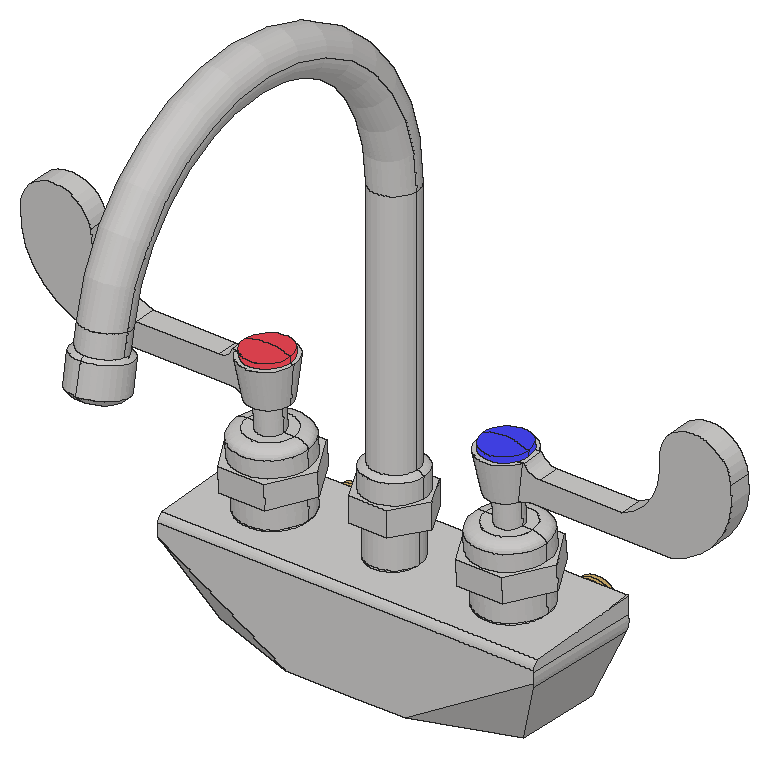
Revit family "14-401L-W-E4", category Specialty Equipment, Revit 2018
Family settings
  Round Connector Dimension = Use Diameter
  Part Type = Normal
  OmniClass Number = 23.45.05.14
  OmniClass Title = Plumbing Fixtures - Sanitary Washing Units
  Work Plane-Based = No
  Always vertical = Yes
  Cut with Voids When Loaded = No
  Shared = No
  Room Calculation Point = No
Parameters
  Plumbing Remarks = ""
  Plumbing Connection Type = ""
  Model = "14-401L-W-E4"
  Masterspec = ""
  Manufacturer = "Krowne Metal"
  Item Number = ""
  Inlet = 1/2"
  Hot Water Temperature = 100 °F
  Hot Water Size = 1/2"
  Hot Water RI Height = 0"
  Hot Water Flow = 1.5 GPM
  Hot Water Connection Height = 0"
  Description = "4\" Wall Mount Faucet with 6\" Wide Gooseneck Spout & Vandal Resistant Wrist Blades Handles"
  Cold Water Size = 1/2"
  Cold Water RI Height = 0"
  Cold Water Flow = 1.5 GPM
  Cold Water Connection Height = 0"
  Assembly Code = "D2010400"
Reference planes (in)
  plane 1 "Center (Front/Back)": y = 0
  plane 2: z = 0
  plane 3 "Center (Left/Right)": x = 0
  plane 4: x = 2
  plane 5: x = -2
  plane 6: z = -1.96837
  plane 7: y = -6.25
  plane 8: z = 9.75
  plane 9: z = 5.875
  plane 10 "Center L/S": y = 0.96456
Forms (in)
  Revolve 1, solid, material "Plastic-Brass-Red"
    sketch origin (0, 0.00828, 0.6556) x (1, 0, 0) y (0, -0.064546, 0.997915)
      loop
        arc (-2, 2.70938) -> (-2.19737, 2.68894) -> (-2.38369, 2.62072) r 0.80293
        line (-2.38369, 2.62072) -> (-2.38369, 2.53687) -> (-2, 2.53687) -> (-2, 2.70938)
      axis (-2, 2.70938) -> (-2, 2.53687)
    angle from 0 to 360
  Revolve 2, solid, material "Plastic-Brass-Blue"
    sketch origin (0, 0.00828, 0.6556) x (-1, 0, 0) y (0, 0.064546, -0.997915)
      loop
        line (-2, -2.70938) -> (-2, -2.53543) -> (-2.38369, -2.53543) -> (-2.38369, -2.62072)
        arc (-2.38369, -2.62072) -> (-2.19737, -2.68894) -> (-2, -2.70938) r 0.80293
      axis (-2, -2.70938) -> (-2, -2.53543)
    angle from 0 to 360
  Sweep 3, solid, material "Metal_Finishes_Stainless Steel"
    path origin (0, 0, 0.0625) x (0, 1, 0) y (0, 0, 1)
      loop
        line (-6.13578, 6.46027) -> (-6.06259, 6.87538)
        arc (-6.06259, 6.87538) -> (-2.77843, 9.38642) -> (-0.00125, 6.32402) r 3.0539
        line (-0.00125, 6.32402) -> (-0.00125, 1.7621)
    profile origin (0, -0.00125, 4.10556) x (1, 0, 0) y (0, 1, 0)
      loop
        circle (0, 0) r 0.375
  Revolve 4, solid, material "Metal_Finishes_Stainless Steel"
    sketch origin (0, 4.70232, -1.1887) x (0, 0.984808, -0.173648) y (0, 0.173648, 0.984808)
      loop
        line (-11.53885, 5.7123) -> (-11.63812, 5.79159) -> (-12, 5.79159) -> (-12, 5.12109) -> (-11.6232, 5.12109) -> (-11.53885, 5.20545) -> (-11.53885, 5.7123)
      axis (-12, 5.79159) -> (-12, 5.12109)
    angle from 0 to 360
  Extrusion 5, void
    sketch origin (0, -12.26568, 1.19357) x (1, 0, 0) y (0, 0.984808, -0.173648)
      loop
        circle (0, 5.12602) r 0.29432
      loop
        circle (0, 5.37527) r 0.03144
      loop
        circle (0.09945, 5.35041) r 0.03144
      loop
        circle (-0.09945, 5.35041) r 0.03144
      loop
        circle (0.00276, 5.28411) r 0.03144
      loop
        circle (0.10222, 5.25924) r 0.03144
      loop
        circle (-0.09669, 5.25924) r 0.03144
      loop
        circle (-0.17957, 5.28687) r 0.03144
      loop
        circle (0.17128, 5.2924) r 0.03144
      loop
        circle (-0.22654, 5.21228) r 0.03144
      loop
        circle (0.00553, 5.20675) r 0.03144
      loop
        circle (0.17681, 5.21504) r 0.03144
      loop
        circle (-0.07498, 5.1536) r 0.03144
      loop
        circle (0.09945, 5.17913) r 0.03144
      loop
        circle (0, 4.87676) r 0.03144
      loop
        circle (0.09945, 4.90162) r 0.03144
      loop
        circle (-0.09945, 4.90162) r 0.03144
      loop
        circle (0.00276, 4.96793) r 0.03144
      loop
        circle (0.10222, 4.99279) r 0.03144
      loop
        circle (-0.09669, 4.99279) r 0.03144
      loop
        circle (-0.17957, 4.96516) r 0.03144
      loop
        circle (0.17128, 4.95964) r 0.03144
      loop
        circle (-0.22654, 5.03975) r 0.03144
      loop
        circle (0.00553, 5.04528) r 0.03144
      loop
        circle (0.17681, 5.03699) r 0.03144
      loop
        circle (-0.12156, 5.06738) r 0.03144
      loop
        circle (0.09945, 5.07291) r 0.03144
      loop
        circle (0.16204, 5.13533) r 0.03144
      loop
        circle (-0.14291, 5.17689) r 0.03144
      loop
        circle (-0.00276, 5.12263) r 0.03144
      loop
        circle (-0.21818, 5.1239) r 0.03144
      loop
        circle (0.24369, 5.16966) r 0.03144
      loop
        circle (0.2425, 5.08605) r 0.03144
    from 5.72149 to 5.81365
  Extrusion 6, solid, material "Metal_Finishes_Stainless Steel"
    sketch origin (0, 0, -0.115) x (1, 0, 0) y (0, 0, 1)
      loop
        arc (-3.12535, 0.99084) -> (-3.14476, 0.9828) -> (-3.1528, 0.96339) r 0.02745
        line (-3.1528, 0.96339) -> (-3.1528, 0.69577)
        arc (-3.1528, 0.69577) -> (-3.15235, 0.55862) -> (-3.11135, 0.42774) r 0.45838
        line (-3.11135, 0.42774) -> (-2.54312, -0.73731) -> (0, -0.73731) -> (2.54312, -0.73731) -> (3.11135, 0.42774)
        arc (3.11135, 0.42774) -> (3.15235, 0.55862) -> (3.1528, 0.69577) r 0.45838
        line (3.1528, 0.69577) -> (3.1528, 0.96339)
        arc (3.1528, 0.96339) -> (3.14476, 0.9828) -> (3.12535, 0.99084) r 0.02745
        line (3.12535, 0.99084) -> (0, 0.99084) -> (-3.12535, 0.99084)
    from -0.96456 to 1.01602
  Extrusion 7, void
    sketch origin (-0.02676, -1.16437, 0.28626) x (-0.939693, -0.34202, 0) y (0.296198, -0.813798, -0.5)
      loop
        line (-0.70218, 1.42945) -> (-3.64913, 1.42945) -> (-3.64913, 0.75614) -> (-0.70218, 0.75614) -> (-0.70218, 1.42945)
    from -1.24972 to 1.39751
  Revolve 8, solid, material "Metal- Brass-Chrome Plated Brass"
    sketch origin (4, 0.96456, 0.01177) x (1, 0, 0) y (0, -0.999991, 0.00423)
      loop
        line (-2.40555, 0.01977) -> (-2.40555, -0.07126) -> (-2.34472, -0.10694) -> (-2.4068, -0.14263) -> (-2.34454, -0.17829) -> (-2.40653, -0.21416) -> (-2.34468, -0.24977) -> (-2.4063, -0.28542) -> (-2.34472, -0.32111) -> (-2.40653, -0.35696) -> (-2.34444, -0.39251) -> (-2.40655, -0.42833) -> (-2.3436, -0.46332) -> (-2.40555, -0.49916) -> (-2.34444, -0.53553) -> (-2.40555, -0.57083) -> (-2.34491, -0.60683) -> (-2.40679, -0.64264) -> (-2.34468, -0.67837) -> (-2.40629, -0.71402) -> (-2.34444, -0.74974) -> (-2.40629, -0.78569) -> (-2.33703, -0.82587) -> (-2, -0.82587) -> (-2, 0.01977) -> (-2.40555, 0.01977)
      axis (-2, 0.01977) -> (-2, -0.82587)
    angle from 0 to 360
  Revolve 9, solid, material "Metal- Brass-Chrome Plated Brass"
    sketch origin (-4, 0.96456, 0.01177) x (-1, 0, 0) y (0, 0.999991, -0.00423)
      loop
        line (-2.40555, -0.01977) -> (-2, -0.01977) -> (-2, 0.87053) -> (-2.26005, 0.87053) -> (-2.40629, 0.78569) -> (-2.34444, 0.74974) -> (-2.40629, 0.71402) -> (-2.34468, 0.67837) -> (-2.40679, 0.64264) -> (-2.34491, 0.60683) -> (-2.40555, 0.57083) -> (-2.34444, 0.53553) -> (-2.40555, 0.49916) -> (-2.3436, 0.46332) -> (-2.40655, 0.42833) -> (-2.34444, 0.39251) -> (-2.40653, 0.35696) -> (-2.34472, 0.32111) -> (-2.4063, 0.28542) -> (-2.34468, 0.24977) -> (-2.40653, 0.21416) -> (-2.34454, 0.17829) -> (-2.4068, 0.14263) -> (-2.34472, 0.10694) -> (-2.40555, 0.07126) -> (-2.40555, -0.01977)
      axis (-2, -0.01977) -> (-2, 0.87053)
    angle from 0 to 360
  Extrusion 10, void
    sketch origin (0.02676, -1.16437, 0.28626) x (0.939693, -0.34202, 0) y (0.296198, 0.813798, 0.5)
      loop
        line (-0.70218, -1.42945) -> (-0.70218, -0.75614) -> (-3.64913, -0.75614) -> (-3.64913, -1.42945) -> (-0.70218, -1.42945)
    from -1.24972 to 1.39751
  Extrusion 11, void
    sketch origin (0, 0, 0) x (0, 1, 0) y (0, 0, 1)
      loop
        line (0.96456, 0.87584) -> (0.96456, 0.96598) -> (-1.05262, 0.96598) -> (-1.05262, 0.57729) -> (-1.01565, 0.57729)
        arc (-1.01565, 0.57729) -> (-0.99921, 0.67224) -> (-0.9339, 0.74309) r 0.17039
        line (-0.9339, 0.74309) -> (0.96456, 0.87584)
    from -3.96607 to 3.51526
  Extrusion 12, solid, material "Metal_Finishes_Stainless Steel"
    sketch origin (0, 0.04756, 0.04841) x (1, 0, 0) y (0, -0.064546, 0.997915)
      loop
        line (-2.69415, 2.9737) -> (-4.07703, 2.9737)
        spline (-4.07703, 2.9737) -> (-4.19305, 3.02298) -> (-4.29788, 3.08207) -> (-4.39173, 3.15068) -> (-4.47481, 3.22854) -> (-4.54732, 3.31537) -> (-4.60948, 3.41091) -> (-4.66151, 3.51487) -> (-4.7036, 3.62697) -> (-4.73598, 3.74695) -> (-4.75884, 3.87452) -> (-4.7724, 4.00941) -> (-4.77688, 4.15134)
        arc (-4.77688, 4.15134) -> (-5.40829, 4.65754) -> (-5.95924, 4.06477) r 0.59435
        arc (-5.95924, 4.06477) -> (-5.69356, 3.11193) -> (-4.86945, 2.5648) r 1.41758
        line (-4.86945, 2.5648) -> (-2.5204, 2.5648)
        arc (-2.5204, 2.5648) -> (-2.433, 2.55146) -> (-2.35355, 2.51264) r 0.29295
        line (-2.35355, 2.51264) -> (-2, 2.51264) -> (-2, 3.14532) -> (-2.44835, 3.14532)
        arc (-2.44835, 3.14532) -> (-2.54426, 3.02085) -> (-2.69415, 2.9737) r 0.26183
    from -0.17603 to 0.17603
  Extrusion 13, solid, material "Metal_Finishes_Stainless Steel"
    sketch origin (0, 0.04756, 0.04841) x (-1, 0, 0) y (0, 0.064546, -0.997915)
      loop
        arc (-2.69415, -2.9737) -> (-2.54426, -3.02085) -> (-2.44835, -3.14532) r 0.26183
        line (-2.44835, -3.14532) -> (-2, -3.14532) -> (-2, -2.51264) -> (-2.35355, -2.51264)
        arc (-2.35355, -2.51264) -> (-2.433, -2.55146) -> (-2.5204, -2.5648) r 0.29295
        line (-2.5204, -2.5648) -> (-4.86945, -2.5648)
        arc (-4.86945, -2.5648) -> (-5.69356, -3.11193) -> (-5.95924, -4.06477) r 1.41758
        arc (-5.95924, -4.06477) -> (-5.40829, -4.65754) -> (-4.77688, -4.15134) r 0.59435
        spline (-4.77688, -4.15134) -> (-4.7724, -4.00941) -> (-4.75884, -3.87452) -> (-4.73598, -3.74695) -> (-4.7036, -3.62697) -> (-4.66151, -3.51487) -> (-4.60948, -3.41091) -> (-4.54732, -3.31537) -> (-4.47481, -3.22854) -> (-4.39173, -3.15068) -> (-4.29788, -3.08207) -> (-4.19305, -3.02298) -> (-4.07703, -2.9737)
        line (-4.07703, -2.9737) -> (-2.69415, -2.9737)
    from -0.17603 to 0.17603
  Revolve 14, solid, material "Metal_Finishes_Stainless Steel"
    sketch origin (-0.00317, -0.02601, 1.17421) x (-1, 0, 0) y (0, 0.064546, -0.997915)
      loop
        line (-2, -2.00418) -> (-2, -0.46138) -> (-2.61417, -0.46138) -> (-2.61417, -0.74125)
        spline (-2.61417, -0.74125) -> (-2.61067, -0.75997) -> (-2.60447, -0.77733) -> (-2.59556, -0.79333) -> (-2.58396, -0.80796) -> (-2.56965, -0.82122) -> (-2.55265, -0.83312) -> (-2.53294, -0.84365) -> (-2.51053, -0.85282) -> (-2.48542, -0.86063) -> (-2.45761, -0.86706) -> (-2.4271, -0.87214) -> (-2.39389, -0.87584)
        line (-2.39389, -0.87584) -> (-2.21883, -0.87584) -> (-2.21883, -1.35351) -> (-2.35064, -1.35351) -> (-2.44814, -2.00418) -> (-2, -2.00418)
      loop
        arc (-2.61222, 0.39335) -> (-2.58433, 0.3818) -> (-2.57277, 0.35391) r 0.03944
        line (-2.57277, 0.35391) -> (-2.57277, -0.0704) -> (-2, -0.0704) -> (-2, 0.39335) -> (-2.61222, 0.39335)
      axis (-2, -2.00418) -> (-2, 0.39335)
    angle from 0 to 360
  Revolve 15, solid, material "Metal_Finishes_Stainless Steel"
    sketch origin (0, 0, -0.12559) x (1, 0, 0) y (0, 0, 1)
      loop
        line (-0.49401, 2.26822) -> (-0.49401, 1.94078) -> (0, 1.94078) -> (0, 2.33452) -> (-0.35397, 2.33452)
        arc (-0.35397, 2.33452) -> (-0.43128, 2.31656) -> (-0.49401, 2.26822) r 0.1824
      loop
        line (-0.42987, 1.52855) -> (-0.42987, 0.92698)
        arc (-0.42987, 0.92698) -> (-0.45055, 0.87703) -> (-0.5005, 0.85635) r 0.07063
        line (-0.5005, 0.85635) -> (0, 0.85635) -> (0, 1.52855) -> (-0.42987, 1.52855)
      axis (0, 2.33452) -> (0, 0.85635)
    angle from 0 to 360
  Extrusion 16, solid, material "Metal_Finishes_Stainless Steel"
    sketch origin (-2, 0, -0.01153) x (-1, 0, 0) y (0, -1, 0)
      loop
        line (-1.68262, -0.54971) -> (-1.36525, 0) -> (-1.68262, 0.54971) -> (-2.31738, 0.54971) -> (-2.63475, 0) -> (-2.31738, -0.54971) -> (-1.68262, -0.54971)
    from 1.41449 to 1.82673
  Extrusion 17, solid, material "Metal_Finishes_Stainless Steel"
    sketch origin (3.99683, 0.04756, 0.03688) x (1, 0, 0) y (0, 0.997915, 0.064546)
      loop
        line (-2.38434, 0.66569) -> (-2.76867, 0) -> (-2.38434, -0.66569) -> (-1.61566, -0.66569) -> (-1.23133, 0) -> (-1.61566, 0.66569) -> (-2.38434, 0.66569)
    from 1.21087 to 1.60944
  Revolve 18, solid, material "Metal_Finishes_Stainless Steel"
    sketch origin (-0.00317, -0.02601, 1.17421) x (1, 0, 0) y (0, -0.064546, 0.997915)
      loop
        line (-2, 2.00418) -> (-2.44814, 2.00418) -> (-2.35064, 1.35351) -> (-2.21883, 1.35351) -> (-2.21883, 0.87584) -> (-2.39389, 0.87584)
        spline (-2.39389, 0.87584) -> (-2.4271, 0.87214) -> (-2.45761, 0.86706) -> (-2.48542, 0.86063) -> (-2.51053, 0.85282) -> (-2.53294, 0.84365) -> (-2.55265, 0.83312) -> (-2.56965, 0.82122) -> (-2.58396, 0.80796) -> (-2.59556, 0.79333) -> (-2.60447, 0.77733) -> (-2.61067, 0.75997) -> (-2.61417, 0.74125)
        line (-2.61417, 0.74125) -> (-2.61417, 0.46138) -> (-2, 0.46138) -> (-2, 2.00418)
      loop
        line (-2.61222, -0.39335) -> (-2, -0.39335) -> (-2, 0.0704) -> (-2.57277, 0.0704) -> (-2.57277, -0.35391)
        arc (-2.57277, -0.35391) -> (-2.58433, -0.3818) -> (-2.61222, -0.39335) r 0.03944
      axis (-2, 2.00418) -> (-2, -0.39335)
    angle from 0 to 360
  Extrusion 19, solid, material "Metal_Finishes_Stainless Steel"
    sketch origin (-4.00317, 0.04756, 0.03688) x (-1, 0, 0) y (0, -0.997915, -0.064546)
      loop
        line (-2.38434, -0.66569) -> (-1.61566, -0.66569) -> (-1.23133, 0) -> (-1.61566, 0.66569) -> (-2.38434, 0.66569) -> (-2.76867, 0) -> (-2.38434, -0.66569)
    from 1.21087 to 1.60944
Cuts and joins
  Extrusion 5, Extrusion 11 cuts Sweep 3
  Extrusion 7, Extrusion 10, Extrusion 11 cuts Extrusion 6
  joined: Sweep 3, Extrusion 6, Extrusion 12, Extrusion 13, Revolve 14, Revolve 15, Extrusion 16, Extrusion 17, Revolve 18, Extrusion 19
  Extrusion 5 cuts Revolve 4
Dimensions and locks (in)
  equal spacing: plane 5, plane 3 "Center (Left/Right)", plane 4
  plane 5 to plane 4 = 4"
  plane 1 "Center (Front/Back)" to plane 7 = 6 1/4"
  plane 8 to plane 2 = 9 3/4"
  plane 9 to plane 2 = 5 7/8"
  Extrusion 13 to Extrusion 13 = 0.35205"
  aligned and locked: level to plane 2
Automatic sketch dimensions
  Sweep 3 sketch curve to plane 3 "Center (Left/Right)" = 0"
  profile plane to Sweep 3 sketch curve = 0"
  Revolve 4 sketch curve to plane 7 = 0.14033"
  plane 9 to Revolve 4 sketch curve = 0.72369"
  Revolve 4 sketch curve to Revolve 4 sketch curve = 0.36188"
  Revolve 4 sketch curve to Revolve 4 sketch curve = 0.3768"
  Revolve 4 sketch curve to Revolve 4 sketch curve = 0.08435"  (x2)
  Revolve 4 sketch curve to Revolve 4 sketch curve = 0.07929"
  Revolve 4 sketch curve to Revolve 4 sketch curve = 0.50685"
  Revolve 4 sketch curve to Revolve 4 sketch curve = 0"  (x2)
  Revolve 4 sketch curve to Revolve 4 sketch curve = 0.27894"
  Extrusion 5 sketch curve to Extrusion 5 sketch curve = 0"  (x2)
  Extrusion 5 sketch curve to plane 3 "Center (Left/Right)" = 0"  (x3)
  Extrusion 5 sketch curve to plane 3 "Center (Left/Right)" = 0.00276"
  Extrusion 5 sketch curve to plane 3 "Center (Left/Right)" = 0.07498"
  Extrusion 5 sketch curve to plane 3 "Center (Left/Right)" = 0.09669"  (x2)
  Extrusion 5 sketch curve to Extrusion 5 sketch curve = 0.00276"  (x4)
  Extrusion 5 sketch curve to Extrusion 5 sketch curve = 0.02486"  (x3)
  Extrusion 5 sketch curve to Extrusion 5 sketch curve = 0.06794"
  Extrusion 5 sketch curve to Extrusion 5 sketch curve = 0.08288"  (x2)
  Extrusion 5 sketch curve to Extrusion 5 sketch curve = 0.07526"
  Extrusion 5 sketch curve to Extrusion 5 sketch curve = 0.00836"
  Extrusion 5 sketch curve to Extrusion 5 sketch curve = 0.04696"
  plane 3 "Center (Left/Right)" to Extrusion 5 sketch curve = 0.00276"  (x2)
  plane 3 "Center (Left/Right)" to Extrusion 5 sketch curve = 0.00553"  (x2)
  plane 3 "Center (Left/Right)" to Extrusion 5 sketch curve = 0.09945"  (x2)
  Extrusion 5 sketch curve to Extrusion 5 sketch curve = 0.09393"  (x2)
  Extrusion 5 sketch curve to Extrusion 5 sketch curve = 0.06259"
  Extrusion 5 sketch curve to Extrusion 5 sketch curve = 0.06907"  (x2)
  Extrusion 5 sketch curve to Extrusion 5 sketch curve = 0.00553"  (x2)
  Extrusion 5 sketch curve to Extrusion 5 sketch curve = 0.06569"
  Extrusion 5 sketch curve to Extrusion 5 sketch curve = 0.06688"
  Extrusion 5 sketch curve to Extrusion 5 sketch curve = 0.05802"
  Extrusion 5 sketch curve to Extrusion 5 sketch curve = 0.06354"
  Extrusion 5 sketch curve to Extrusion 5 sketch curve = 0.09117"  (x4)
  Extrusion 5 sketch curve to Extrusion 5 sketch curve = 0.03315"  (x2)
  Extrusion 5 sketch curve to Extrusion 5 sketch curve = 0.02763"  (x2)
  Extrusion 5 sketch curve to Extrusion 5 sketch curve = 0.07735"  (x4)
  Extrusion 5 sketch curve to Extrusion 5 sketch curve = 0.07459"  (x2)
  Extrusion 5 sketch curve to Extrusion 5 sketch curve = 0.08012"  (x2)
  Extrusion 5 sketch curve to Extrusion 5 sketch curve = 0.04906"
  Extrusion 5 sketch curve to Extrusion 5 sketch curve = 0.08414"
  Extrusion 5 sketch curve to Extrusion 5 sketch curve = 0.00338"
  Extrusion 5 sketch curve to Extrusion 5 sketch curve = 0.06242"
  Extrusion 5 sketch curve to Extrusion 5 sketch curve = 0.03097"
  Extrusion 5 sketch curve to Extrusion 5 sketch curve = 0.08361"
  Extrusion 5 sketch curve to Extrusion 5 sketch curve = 0.0233"
  Extrusion 5 sketch curve to Extrusion 5 sketch curve = 0.0438"
  Extrusion 5 sketch curve to Extrusion 5 sketch curve = 0.08074"
  Extrusion 5 sketch curve to Extrusion 5 sketch curve = 0.08838"
  Extrusion 5 sketch curve to Extrusion 5 sketch curve = 0.04539"
  Extrusion 5 sketch curve to Extrusion 5 sketch curve = 0.08235"
  Extrusion 5 sketch curve to Extrusion 5 sketch curve = 0.04506"
  Extrusion 6 sketch curve to plane 3 "Center (Left/Right)" = 0"  (x2)
  plane 5 to Extrusion 6 sketch curve = 0.54312"
  plane 5 to Extrusion 6 sketch curve = 0.69936"
  level to Extrusion 6 sketch curve = 0.31274"  (x2)
  Extrusion 6 sketch curve to Extrusion 6 sketch curve = 0.41199"  (x2)
  Extrusion 6 sketch curve to Extrusion 6 sketch curve = 0.014"
  Extrusion 6 sketch curve to Extrusion 6 sketch curve = 0.02745"  (x2)
  plane 4 to Extrusion 6 sketch curve = 0.54312"
  plane 4 to Extrusion 6 sketch curve = 0.69936"
  Extrusion 6 sketch curve to Extrusion 6 sketch curve = 0.42599"
  Extrusion 6 sketch curve to level = 0.85231"
  Extrusion 6 sketch curve to Extrusion 6 sketch curve = 0.20094"  (x2)
  Extrusion 6 sketch curve to Extrusion 6 sketch curve = 0.26762"
  Extrusion 7 sketch curve to Extrusion 7 sketch curve = 2.94694"
  Extrusion 7 sketch curve to Extrusion 7 sketch curve = 0.67331"
  Revolve 8 sketch curve to plane 4 = 0"  (x2)
  Revolve 8 sketch curve to plane 4 = 0.33703"
  Revolve 8 sketch curve to plane 4 = 0.3436"
  Revolve 8 sketch curve to Revolve 8 sketch curve = 0.00085"  (x2)
  Revolve 8 sketch curve to Revolve 8 sketch curve = 0.00741"
  Revolve 8 sketch curve to Revolve 8 sketch curve = 0.0001"
  Revolve 8 sketch curve to Revolve 8 sketch curve = 0.00023"  (x2)
  Revolve 8 sketch curve to Revolve 8 sketch curve = 0.00014"
  Revolve 8 sketch curve to Revolve 8 sketch curve = 0.00004"
  Revolve 8 sketch curve to Revolve 8 sketch curve = 0.00019"
  Revolve 8 sketch curve to Revolve 8 sketch curve = 0.00047"
  Revolve 8 sketch curve to Revolve 8 sketch curve = 0.06083"
  Revolve 8 sketch curve to Revolve 8 sketch curve = 0.06064"
  Revolve 8 sketch curve to Revolve 8 sketch curve = 0.06111"
  Revolve 8 sketch curve to Revolve 8 sketch curve = 0.06161"
  Revolve 8 sketch curve to Revolve 8 sketch curve = 0.06185"
  Revolve 8 sketch curve to Revolve 8 sketch curve = 0.06158"
  Revolve 8 sketch curve to Revolve 8 sketch curve = 0.06181"
  Revolve 8 sketch curve to Revolve 8 sketch curve = 0.001"
  Revolve 8 sketch curve to Revolve 8 sketch curve = 0.0005"
  Revolve 8 sketch curve to Revolve 8 sketch curve = 0.00125"
  Revolve 8 sketch curve to Revolve 8 sketch curve = 0.04018"
  Revolve 8 sketch curve to Revolve 8 sketch curve = 0.03595"
  Revolve 8 sketch curve to Revolve 8 sketch curve = 0.03572"
  Revolve 8 sketch curve to Revolve 8 sketch curve = 0.03565"
  Revolve 8 sketch curve to Revolve 8 sketch curve = 0.07138"  (x2)
  Revolve 8 sketch curve to Revolve 8 sketch curve = 0.03581"
  Revolve 8 sketch curve to Revolve 8 sketch curve = 0.03601"
  Revolve 8 sketch curve to Revolve 8 sketch curve = 0.0353"
  Revolve 8 sketch curve to Revolve 8 sketch curve = 0.03637"
  Revolve 8 sketch curve to Revolve 8 sketch curve = 0.03584"
  Revolve 8 sketch curve to Revolve 8 sketch curve = 0.07083"
  Revolve 8 sketch curve to Revolve 8 sketch curve = 0.07081"
  Revolve 8 sketch curve to Revolve 8 sketch curve = 0.0714"
  Revolve 8 sketch curve to Revolve 8 sketch curve = 0.03568"  (x2)
  Revolve 8 sketch curve to Revolve 8 sketch curve = 0.03566"
  Revolve 8 sketch curve to Revolve 8 sketch curve = 0.07127"
  Revolve 8 sketch curve to Revolve 8 sketch curve = 0.07148"
  Revolve 8 sketch curve to Revolve 8 sketch curve = 0.07152"
  Revolve 8 sketch curve to Revolve 8 sketch curve = 0.07135"
  Revolve 8 sketch curve to Revolve 8 sketch curve = 0.12671"
  Revolve 8 sketch curve to Revolve 8 sketch curve = 0.28433"
  Revolve 8 sketch curve to Revolve 8 sketch curve = 0.0701"
  Revolve 9 sketch curve to plane 5 = 0"  (x2)
  Revolve 9 sketch curve to Revolve 9 sketch curve = 0.26005"
  Revolve 9 sketch curve to plane 5 = 0.3436"
  Revolve 9 sketch curve to Revolve 9 sketch curve = 0.00085"  (x2)
  Revolve 9 sketch curve to Revolve 9 sketch curve = 0.08439"
  Revolve 9 sketch curve to Revolve 9 sketch curve = 0.0001"
  Revolve 9 sketch curve to Revolve 9 sketch curve = 0.00023"  (x2)
  Revolve 9 sketch curve to Revolve 9 sketch curve = 0.00014"
  Revolve 9 sketch curve to Revolve 9 sketch curve = 0.00004"
  Revolve 9 sketch curve to Revolve 9 sketch curve = 0.00019"
  Revolve 9 sketch curve to Revolve 9 sketch curve = 0.00047"
  Revolve 9 sketch curve to Revolve 9 sketch curve = 0.06083"
  Revolve 9 sketch curve to Revolve 9 sketch curve = 0.06064"
  Revolve 9 sketch curve to Revolve 9 sketch curve = 0.06111"
  Revolve 9 sketch curve to Revolve 9 sketch curve = 0.06161"
  Revolve 9 sketch curve to Revolve 9 sketch curve = 0.06185"
  Revolve 9 sketch curve to Revolve 9 sketch curve = 0.06158"
  Revolve 9 sketch curve to Revolve 9 sketch curve = 0.06181"
  Revolve 9 sketch curve to Revolve 9 sketch curve = 0.001"
  Revolve 9 sketch curve to Revolve 9 sketch curve = 0.0005"
  Revolve 9 sketch curve to Revolve 9 sketch curve = 0.00125"
  Revolve 9 sketch curve to Revolve 9 sketch curve = 0.09103"
  Revolve 9 sketch curve to Revolve 9 sketch curve = 0.03568"  (x2)
  Revolve 9 sketch curve to Revolve 9 sketch curve = 0.07137"  (x2)
  Revolve 9 sketch curve to Revolve 9 sketch curve = 0.07135"
  Revolve 9 sketch curve to Revolve 9 sketch curve = 0.07152"
  Revolve 9 sketch curve to Revolve 9 sketch curve = 0.03561"
  Revolve 9 sketch curve to Revolve 9 sketch curve = 0.03566"
  Revolve 9 sketch curve to Revolve 9 sketch curve = 0.03585"
  Revolve 9 sketch curve to Revolve 9 sketch curve = 0.0714"
  Revolve 9 sketch curve to Revolve 9 sketch curve = 0.07138"
  Revolve 9 sketch curve to Revolve 9 sketch curve = 0.07081"
  Revolve 9 sketch curve to Revolve 9 sketch curve = 0.07083"
  Revolve 9 sketch curve to Revolve 9 sketch curve = 0.03637"
  Revolve 9 sketch curve to Revolve 9 sketch curve = 0.0353"
  Revolve 9 sketch curve to Revolve 9 sketch curve = 0.03601"
  Revolve 9 sketch curve to Revolve 9 sketch curve = 0.03581"
  Revolve 9 sketch curve to Revolve 9 sketch curve = 0.07154"
  Revolve 9 sketch curve to Revolve 9 sketch curve = 0.03565"
  Revolve 9 sketch curve to Revolve 9 sketch curve = 0.03595"
  Revolve 9 sketch curve to Revolve 9 sketch curve = 0.12079"
  Revolve 9 sketch curve to Revolve 9 sketch curve = 0.0701"
  Revolve 9 sketch curve to Revolve 9 sketch curve = 0.21423"
  Extrusion 10 sketch curve to Extrusion 10 sketch curve = 2.94694"
  Extrusion 10 sketch curve to Extrusion 10 sketch curve = 0.67331"
  plane 1 "Center (Front/Back)" to Extrusion 11 sketch curve = 1.05262"
  Extrusion 11 sketch curve to Extrusion 11 sketch curve = 0.03697"
  level to Extrusion 11 sketch curve = 0.74309"
  Extrusion 11 sketch curve to Extrusion 11 sketch curve = 0.08175"
  Extrusion 11 sketch curve to Extrusion 11 sketch curve = 0.16926"
  Extrusion 11 sketch curve to plane 1 "Center (Front/Back)" = 0.96456"
  Extrusion 11 sketch curve to Extrusion 11 sketch curve = 0.1462"
  level to Extrusion 11 sketch curve = 0.87584"
  Extrusion 11 sketch curve to Extrusion 11 sketch curve = 0.22289"
  Revolve 1 sketch curve to plane 5 = 0"  (x2)
  plane 5 to Revolve 1 sketch curve = 0.0166"
  plane 5 to Revolve 1 sketch curve = 0.38369"
  Revolve 1 sketch curve to Revolve 1 sketch curve = 0.63024"
  Revolve 1 sketch curve to Revolve 1 sketch curve = 0.08386"
  Revolve 1 sketch curve to Revolve 1 sketch curve = 0.04662"
  Revolve 1 sketch curve to Revolve 1 sketch curve = 0"
  Revolve 2 sketch curve to plane 4 = 0"  (x2)
  plane 4 to Revolve 2 sketch curve = 0.0166"
  Revolve 2 sketch curve to Revolve 2 sketch curve = 0.38369"
  Revolve 2 sketch curve to Revolve 2 sketch curve = 0.08866"
  Revolve 2 sketch curve to Revolve 2 sketch curve = 0.0853"
  Revolve 2 sketch curve to Revolve 2 sketch curve = 0"
  Revolve 2 sketch curve to Revolve 2 sketch curve = 0.04662"
  Extrusion 12 sketch curve to plane 5 = 0"
  plane 5 to Extrusion 12 sketch curve = 0.35355"
  plane 5 to Extrusion 12 sketch curve = 0.44835"
  Extrusion 12 sketch curve to Extrusion 12 sketch curve = 0.16685"
  Extrusion 12 sketch curve to Extrusion 12 sketch curve = 0.2458"
  Extrusion 12 sketch curve to Extrusion 12 sketch curve = 1.38288"
  Extrusion 12 sketch curve to Extrusion 12 sketch curve = 0.46968"
  Extrusion 12 sketch curve to Extrusion 12 sketch curve = 0.23017"
  Extrusion 12 sketch curve to Extrusion 12 sketch curve = 0.79242"
  Extrusion 12 sketch curve to Extrusion 12 sketch curve = 0.58801"
  Extrusion 12 sketch curve to Extrusion 12 sketch curve = 0.2408"
  Extrusion 12 sketch curve to Extrusion 12 sketch curve = 0.4089"
  Extrusion 12 sketch curve to Extrusion 12 sketch curve = 0.63268"
  Extrusion 12 sketch curve to Extrusion 12 sketch curve = 0.97145"
  Extrusion 12 sketch curve to Extrusion 12 sketch curve = 0.11962"
  Extrusion 13 sketch curve to plane 4 = 0"
  plane 4 to Extrusion 13 sketch curve = 0.35355"
  plane 4 to Extrusion 13 sketch curve = 0.44835"
  Extrusion 13 sketch curve to Extrusion 13 sketch curve = 0.16685"
  Extrusion 13 sketch curve to Extrusion 13 sketch curve = 0.2458"
  Extrusion 13 sketch curve to Extrusion 13 sketch curve = 1.38288"
  Extrusion 13 sketch curve to Extrusion 13 sketch curve = 0.46968"
  Extrusion 13 sketch curve to Extrusion 13 sketch curve = 0.23017"
  Extrusion 13 sketch curve to Extrusion 13 sketch curve = 0.79242"
  Extrusion 13 sketch curve to Extrusion 13 sketch curve = 0.58801"
  Extrusion 13 sketch curve to Extrusion 13 sketch curve = 0.08657"
  Extrusion 13 sketch curve to Extrusion 13 sketch curve = 0.20619"
  Extrusion 13 sketch curve to Extrusion 13 sketch curve = 0.67073"
  Extrusion 13 sketch curve to Extrusion 13 sketch curve = 0.09022"
  Extrusion 13 sketch curve to Extrusion 13 sketch curve = 0.05216"
  plane 4 to Revolve 14 sketch curve = 0.611"
  plane 4 to Revolve 14 sketch curve = 0.60905"
  Revolve 14 sketch curve to Revolve 14 sketch curve = 0.0414"
  plane 4 to Revolve 14 sketch curve = 0.44497"
  Revolve 14 sketch curve to Revolve 14 sketch curve = 0.22028"
  plane 4 to Revolve 14 sketch curve = 0.34747"
  Revolve 14 sketch curve to Revolve 14 sketch curve = 0.17505"
  Revolve 14 sketch curve to plane 4 = 0.00317"  (x3)
  Revolve 14 sketch curve to Revolve 14 sketch curve = 0.65067"
  Revolve 14 sketch curve to Revolve 14 sketch curve = 0.47767"
  Revolve 14 sketch curve to Revolve 14 sketch curve = 0.13459"
  Revolve 14 sketch curve to Revolve 14 sketch curve = 0.41446"
  Revolve 14 sketch curve to Revolve 14 sketch curve = 0.39098"
  Revolve 14 sketch curve to Revolve 14 sketch curve = 0.42431"
  Revolve 14 sketch curve to Revolve 14 sketch curve = 0.10739"
  Revolve 14 sketch curve to Revolve 14 sketch curve = 0.09098"
  Revolve 15 sketch curve to plane 3 "Center (Left/Right)" = 0"  (x3)
  Revolve 15 sketch curve to plane 3 "Center (Left/Right)" = 0.35397"
  Revolve 15 sketch curve to plane 3 "Center (Left/Right)" = 0.42987"
  Revolve 15 sketch curve to Revolve 15 sketch curve = 0.14004"
  Revolve 15 sketch curve to Revolve 15 sketch curve = 0.07063"
  level to Revolve 15 sketch curve = 0.73076"
  Revolve 15 sketch curve to Revolve 15 sketch curve = 0.6722"
  Revolve 15 sketch curve to Revolve 15 sketch curve = 0.41223"
  Revolve 15 sketch curve to Revolve 15 sketch curve = 0.21058"
  Revolve 15 sketch curve to Revolve 15 sketch curve = 0.11686"
  Revolve 15 sketch curve to Revolve 15 sketch curve = 0.00076"
  Revolve 15 sketch curve to Revolve 15 sketch curve = 0"
  Revolve 15 sketch curve to Revolve 15 sketch curve = 0.04317"
  Revolve 15 sketch curve to Revolve 15 sketch curve = 0.17488"
  plane 1 "Center (Front/Back)" to Extrusion 16 sketch curve = 0"  (x2)
  Extrusion 16 sketch curve to plane 3 "Center (Left/Right)" = 0.63475"
  Extrusion 16 sketch curve to plane 3 "Center (Left/Right)" = 0.31738"  (x2)
  plane 3 "Center (Left/Right)" to Extrusion 16 sketch curve = 0.31738"  (x2)
  Extrusion 16 sketch curve to Extrusion 16 sketch curve = 0.31738"
  Extrusion 16 sketch curve to plane 1 "Center (Front/Back)" = 0.54971"
  plane 1 "Center (Front/Back)" to Extrusion 16 sketch curve = 0.54971"
  Extrusion 17 sketch curve to plane 4 = 0.77184"
  Extrusion 17 sketch curve to plane 4 = 0.38751"  (x2)
  plane 4 to Extrusion 17 sketch curve = 0.38117"  (x2)
  plane 4 to Extrusion 17 sketch curve = 0.76551"
  Extrusion 17 sketch curve to Extrusion 17 sketch curve = 0.66569"  (x3)
  plane 5 to Revolve 18 sketch curve = 0.61734"
  plane 5 to Revolve 18 sketch curve = 0.61538"
  Revolve 18 sketch curve to Revolve 18 sketch curve = 0.0414"
  plane 5 to Revolve 18 sketch curve = 0.4513"
  Revolve 18 sketch curve to Revolve 18 sketch curve = 0.22028"
  plane 5 to Revolve 18 sketch curve = 0.35381"
  Revolve 18 sketch curve to Revolve 18 sketch curve = 0.17505"
  plane 5 to Revolve 18 sketch curve = 0.00317"  (x3)
  Revolve 18 sketch curve to Revolve 18 sketch curve = 0.42431"
  Revolve 18 sketch curve to Revolve 18 sketch curve = 0.39098"
  Revolve 18 sketch curve to Revolve 18 sketch curve = 0.27987"
  Revolve 18 sketch curve to Revolve 18 sketch curve = 0.13459"
  Revolve 18 sketch curve to Revolve 18 sketch curve = 0.47767"
  Revolve 18 sketch curve to Revolve 18 sketch curve = 0.65067"
  Revolve 18 sketch curve to Revolve 18 sketch curve = 0.09098"
  Revolve 18 sketch curve to Revolve 18 sketch curve = 0.10739"
  Extrusion 19 sketch curve to plane 5 = 0.76551"
  Extrusion 19 sketch curve to plane 5 = 0.38117"  (x2)
  plane 5 to Extrusion 19 sketch curve = 0.38751"  (x2)
  Extrusion 19 sketch curve to Extrusion 19 sketch curve = 0.38434"
  Extrusion 19 sketch curve to Extrusion 19 sketch curve = 0.66569"  (x3)
  Sweep 3 sketch curve to plane 7 = 0.18741"
  plane 9 to Sweep 3 sketch curve = 0.53257"
  Sweep 3 sketch curve to Sweep 3 sketch curve = 3.00751"
  plane 1 "Center (Front/Back)" to Sweep 3 sketch curve = 0.00125"
  plane 9 to Sweep 3 sketch curve = 0.51152"
  Sweep 3 sketch curve to plane 7 = 0.11422"
  level to Sweep 3 sketch curve = 1.8246"
  Sweep 3 sketch curve to Sweep 3 sketch curve = 0.4151"
  radius of Sweep 3 sketch curve = 3/8"
  radius of Extrusion 5 sketch curve = 0.03144"  (x32)
Connectors (in)
  piping at (-2, 1.83509, 0.00808), diameter 0.5, driven by "Inlet"
    settings: on Revolve 9, index 1, connector inside diameter 24", connector length 0", flow factor 0, pipe flow 0 GPM, pressure drop 0.00 psi, fitting loss kfactor 0, connector angle 0.00°, fixture units 0, engagement length 0", angle of deflection 0.00°, flow configuration 0, flow direction 1, fitting loss method 0, system type 19, joint type 0, gender type 0, connector reference index -1, connector utility 0, adjustable connector no, is connector primary yes, connector description ""
  piping at (2, 1.79043, 0.00827), diameter 0.5, driven by "Inlet"
    settings: on Revolve 8, index 2, connector inside diameter 24", connector length 0", flow factor 0, pipe flow 0 GPM, pressure drop 0.00 psi, fitting loss kfactor 0, connector angle 0.00°, fixture units 0, engagement length 0", angle of deflection 0.00°, flow configuration 0, flow direction 1, fitting loss method 0, system type 20, joint type 0, gender type 0, connector reference index -1, connector utility 0, adjustable connector no, is connector primary no, connector description ""
